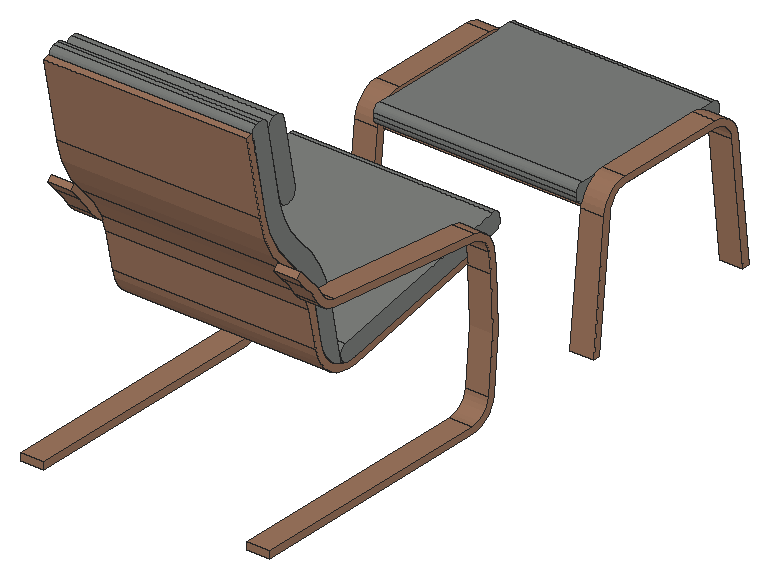
Revit family "Ikea_Poang_Chair_and_stool_8098", category Мебель, Revit 2017
Family settings
  Номер OmniClass = 23.40.20.00
  Заголовок OmniClass = General Furniture and Specialties
  На основе рабочей плоскости = Нет
  Всегда вертикально = Да
  При загрузке вырезать с полостями = Нет
  Общий = Нет
  Точка расчета площади = Нет
Reference planes (in)
  plane 1 "Center Front/Back": y = 0
  plane 2: z = 0
  plane 3 "Center Left/Right": x = 0
Forms (in)
  Sweep 1, solid, material "wood"
    path origin (0, 0, 0) x (1, 0, 0) y (0, 1, 0)
      loop
        line (13.5, 0) -> (11, 0)
    profile origin (12.25, 0, 0) x (0, -1, 0) y (0, 0, 1)
      loop
        line (16.5, 0) -> (16.5, 0.75) -> (-11.00213, 0.75)
        arc (-11.00213, 0.75) -> (-12.46645, 1.2917) -> (-13.22568, 2.65597) r 2.25
        arc (-13.22568, 2.65597) -> (-13.74505, 8.55622) -> (-13.4868, 14.47365) r 45.10448
        arc (-13.4868, 14.47365) -> (-13.34948, 15.59506) -> (-13.18411, 16.71268) r 45.10448
        arc (-13.18411, 16.71268) -> (-12.50959, 17.98935) -> (-11.198, 18.59316) r 2.25
        line (-11.198, 18.59316) -> (7.67341, 20.57804)
        arc (7.67341, 20.57804) -> (8.95785, 21.02276) -> (9.91419, 21.98866) r 3
        arc (9.91419, 21.98866) -> (10.72298, 23.13764) -> (11.66651, 24.17881) r 11.44026
        arc (11.66651, 24.17881) -> (12.27178, 24.80887) -> (12.83502, 25.47677) r 13.5
        line (12.83502, 25.47677) -> (12.24634, 25.94147)
        arc (12.24634, 25.94147) -> (11.71438, 25.31068) -> (11.14274, 24.71562) r 12.75
        arc (11.14274, 24.71562) -> (10.13735, 23.6062) -> (9.27555, 22.38189) r 12.19026
        arc (9.27555, 22.38189) -> (8.55829, 21.65746) -> (7.59496, 21.32392) r 2.25
        line (7.59496, 21.32392) -> (-11.27645, 19.33905)
        arc (-11.27645, 19.33905) -> (-13.02524, 18.53397) -> (-13.9246, 16.83174) r 3
        arc (-13.9246, 16.83174) -> (-14.06912, 15.86762) -> (-14.19311, 14.90065) r 45.85448
        arc (-14.19311, 14.90065) -> (-14.49837, 8.71331) -> (-13.96686, 2.54129) r 45.85448
        arc (-13.96686, 2.54129) -> (-12.95455, 0.72227) -> (-11.00213, 0) r 3
        line (-11.00213, 0) -> (16.5, 0)
  Sweep 2, solid, material "wood"
    path origin (0, 0, 0) x (-1, 0, 0) y (0, 1, 0)
      loop
        line (13.5, 0) -> (11, 0)
    profile origin (-12.25, 0, 0) x (0, 1, 0) y (0, 0, 1)
      loop
        line (-16.5, 0) -> (11.00213, 0)
        arc (11.00213, 0) -> (12.95455, 0.72227) -> (13.96686, 2.54129) r 3
        arc (13.96686, 2.54129) -> (14.49837, 8.71331) -> (14.19311, 14.90065) r 45.85448
        arc (14.19311, 14.90065) -> (14.06912, 15.86762) -> (13.9246, 16.83174) r 45.85448
        arc (13.9246, 16.83174) -> (13.02524, 18.53397) -> (11.27645, 19.33905) r 3
        line (11.27645, 19.33905) -> (-7.59496, 21.32392)
        arc (-7.59496, 21.32392) -> (-8.55829, 21.65746) -> (-9.27555, 22.38189) r 2.25
        arc (-9.27555, 22.38189) -> (-10.13735, 23.6062) -> (-11.14274, 24.71562) r 12.19026
        arc (-11.14274, 24.71562) -> (-11.71438, 25.31068) -> (-12.24634, 25.94147) r 12.75
        line (-12.24634, 25.94147) -> (-12.83502, 25.47677)
        arc (-12.83502, 25.47677) -> (-12.27178, 24.80887) -> (-11.66651, 24.17881) r 13.5
        arc (-11.66651, 24.17881) -> (-10.72298, 23.13764) -> (-9.91419, 21.98866) r 11.44026
        arc (-9.91419, 21.98866) -> (-8.95785, 21.02276) -> (-7.67341, 20.57804) r 3
        line (-7.67341, 20.57804) -> (11.198, 18.59316)
        arc (11.198, 18.59316) -> (12.50959, 17.98935) -> (13.18411, 16.71268) r 2.25
        arc (13.18411, 16.71268) -> (13.34948, 15.59506) -> (13.4868, 14.47365) r 45.10448
        arc (13.4868, 14.47365) -> (13.74505, 8.55622) -> (13.22568, 2.65597) r 45.10448
        arc (13.22568, 2.65597) -> (12.46645, 1.2917) -> (11.00213, 0.75) r 2.25
        line (11.00213, 0.75) -> (-16.5, 0.75) -> (-16.5, 0)
  Sweep 3, solid, material "wood"
    path origin (0, 0, 0) x (1, 0, 0) y (0, 1, 0)
      loop
        line (11, 0) -> (-11, 0)
    profile origin (0, 0, 0) x (0, -1, 0) y (0, 0, 1)
      loop
        line (-16.5, 16) -> (-16.64929, 15.26501) -> (1.52531, 11.57329)
        arc (1.52531, 11.57329) -> (5.09379, 12.2681) -> (7.12578, 15.2827) r 4.75
        line (7.12578, 15.2827) -> (7.98376, 19.50661)
        arc (7.98376, 19.50661) -> (8.30481, 20.4351) -> (8.69958, 21.33472) r 12.19026
        arc (8.69958, 21.33472) -> (9.77548, 23.13045) -> (11.14274, 24.71562) r 12.19026
        arc (11.14274, 24.71562) -> (13.43366, 27.7394) -> (14.7335, 31.30339) r 12.75
        line (14.7335, 31.30339) -> (16.46967, 39.85071) -> (15.73468, 40) -> (13.99851, 31.45268)
        arc (13.99851, 31.45268) -> (12.77514, 28.09834) -> (10.61897, 25.25243) r 12
        arc (10.61897, 25.25243) -> (8.92186, 23.21752) -> (7.67482, 20.87959) r 12.94026
        arc (7.67482, 20.87959) -> (7.45067, 20.28956) -> (7.25556, 19.6893) r 12.94026
        line (7.25556, 19.6893) -> (6.39079, 15.43199)
        arc (6.39079, 15.43199) -> (4.67964, 12.89338) -> (1.6746, 12.30828) r 4
        line (1.6746, 12.30828) -> (-16.5, 16)
  Sweep 4, solid, material "cushion"
    path origin (0, 0, 0) x (1, 0, 0) y (0, 1, 0)
      loop
        line (11, 0.08981) -> (-11, 0.08981)
    profile origin (0, 0.08981, 0) x (0, -1, 0) y (0, 0, 1)
      loop
        arc (-16.74706, 18.10927) -> (-17.3105, 17.99956) -> (-17.63135, 17.52357) r 0.75
        line (-17.63135, 17.52357) -> (-17.73088, 17.03358)
        arc (-17.73088, 17.03358) -> (-17.62117, 16.47014) -> (-17.14518, 16.14929) r 0.75
        line (-17.14518, 16.14929) -> (-16.41019, 16) -> (1.76441, 12.30828)
        arc (1.76441, 12.30828) -> (2.60051, 12.22843) -> (3.43484, 12.32493) r 4
        arc (3.43484, 12.32493) -> (3.55804, 12.49616) -> (3.62869, 12.69492) r 0.75
        line (3.62869, 12.69492) -> (3.72822, 13.18491)
        arc (3.72822, 13.18491) -> (3.61851, 13.74836) -> (3.14252, 14.0692) r 0.75
        line (3.14252, 14.0692) -> (-14.07001, 17.56549) -> (-16.74706, 18.10927)
      loop
        arc (3.91634, 12.85516) -> (3.92712, 12.66837) -> (4.00284, 12.49727) r 0.52398
        arc (4.00284, 12.49727) -> (5.61701, 13.64779) -> (6.4806, 15.43199) r 4
        line (6.4806, 15.43199) -> (7.34537, 19.6893)
        arc (7.34537, 19.6893) -> (7.54048, 20.28956) -> (7.76463, 20.87959) r 12.94026
        arc (7.76463, 20.87959) -> (9.01167, 23.21752) -> (10.70878, 25.25243) r 12.94026
        arc (10.70878, 25.25243) -> (12.86495, 28.09834) -> (14.08832, 31.45268) r 12
        line (14.08832, 31.45268) -> (15.77473, 39.755)
        arc (15.77473, 39.755) -> (15.66502, 40.31845) -> (15.18903, 40.63929) r 0.75
        line (15.18903, 40.63929) -> (14.69904, 40.73882)
        arc (14.69904, 40.73882) -> (14.1356, 40.62911) -> (13.81475, 40.15312) r 0.75
        line (13.81475, 40.15312) -> (12.12835, 31.8508)
        arc (12.12835, 31.8508) -> (11.10887, 29.05552) -> (9.31206, 26.68393) r 10
        arc (9.31206, 26.68393) -> (7.86775, 25.05275) -> (6.67603, 23.22886) r 14.94026
        arc (6.67603, 23.22886) -> (5.95435, 21.73583) -> (5.40258, 20.17201) r 14.94026
        line (5.40258, 20.17201) -> (3.91634, 12.85516)
      loop
        arc (13.50947, 39.27936) -> (13.3632, 40.03062) -> (12.72855, 40.45841) r 1
        arc (12.72855, 40.45841) -> (11.97729, 40.31213) -> (11.5495, 39.67748) r 1
        line (11.5495, 39.67748) -> (10.06215, 32.35515)
        arc (10.06215, 32.35515) -> (10.20842, 31.60389) -> (10.84308, 31.1761) r 1
        arc (10.84308, 31.1761) -> (11.59434, 31.32237) -> (12.02212, 31.95703) r 1
        line (12.02212, 31.95703) -> (13.50947, 39.27936)
  Sweep 5, solid, material "wood"
    path origin (0, 0, 0) x (1, 0, 0) y (0, 1, 0)
      loop
        line (13.5, -16.5) -> (11, -16.5)
    profile origin (12.25, -16.5, 0) x (0, -1, 0) y (0, 0, 1)
      loop
        line (-64.88241, 0) -> (-64.128, 0) -> (-62.68962, 13.24296)
        arc (-62.68962, 13.24296) -> (-61.95541, 14.67469) -> (-60.45277, 15.25) r 2.25
        line (-60.45277, 15.25) -> (-48.31206, 15.25)
        arc (-48.31206, 15.25) -> (-46.80942, 14.67469) -> (-46.07521, 13.24296) r 2.25
        line (-46.07521, 13.24296) -> (-44.63682, 0) -> (-43.88241, 0) -> (-45.3296, 13.32394)
        arc (-45.3296, 13.32394) -> (-46.30854, 15.23292) -> (-48.31206, 16) r 3
        line (-48.31206, 16) -> (-60.45277, 16)
        arc (-60.45277, 16) -> (-62.45629, 15.23292) -> (-63.43523, 13.32394) r 3
        line (-63.43523, 13.32394) -> (-64.88241, 0)
  Sweep 6, solid, material "wood"
    path origin (0, 0, 0) x (-1, 0, 0) y (0, 1, 0)
      loop
        line (13.5, -16.5) -> (11, -16.5)
    profile origin (-12.25, -16.5, 0) x (0, 1, 0) y (0, 0, 1)
      loop
        line (64.88241, 0) -> (63.43523, 13.32394)
        arc (63.43523, 13.32394) -> (62.45629, 15.23292) -> (60.45277, 16) r 3
        line (60.45277, 16) -> (48.31206, 16)
        arc (48.31206, 16) -> (46.30854, 15.23292) -> (45.3296, 13.32394) r 3
        line (45.3296, 13.32394) -> (43.88241, 0) -> (44.63682, 0) -> (46.07521, 13.24296)
        arc (46.07521, 13.24296) -> (46.80942, 14.67469) -> (48.31206, 15.25) r 2.25
        line (48.31206, 15.25) -> (60.45277, 15.25)
        arc (60.45277, 15.25) -> (61.95541, 14.67469) -> (62.68962, 13.24296) r 2.25
        line (62.68962, 13.24296) -> (64.128, 0) -> (64.88241, 0)
  Sweep 7, solid, material "cushion"
    path origin (0, 0, 0) x (1, 0, 0) y (0, 1, 0)
      loop
        line (-11, 37.88241) -> (11, 37.88241)
    profile origin (0, 37.88241, 0) x (0, 1, 0) y (0, 0, 1)
      loop
        arc (9.61389, 15) -> (9.39422, 15.53033) -> (8.86389, 15.75) r 0.75
        line (8.86389, 15.75) -> (-0.03266, 15.75) -> (-8.86389, 15.75)
        arc (-8.86389, 15.75) -> (-9.39422, 15.53033) -> (-9.61389, 15) r 0.75
        line (-9.61389, 15) -> (-9.61389, 14.5)
        arc (-9.61389, 14.5) -> (-9.39422, 13.96967) -> (-8.86389, 13.75) r 0.75
        line (-8.86389, 13.75) -> (8.86389, 13.75)
        arc (8.86389, 13.75) -> (9.39422, 13.96967) -> (9.61389, 14.5) r 0.75
        line (9.61389, 14.5) -> (9.61389, 15)
  Sweep 8, solid, material "wood"
    path origin (0, 0, 0) x (1, 0, 0) y (0, 1, 0)
      loop
        line (-11, 37.88241) -> (11, 37.88241)
    profile origin (0, 37.88241, 0) x (0, 1, 0) y (0, 0, 1)
      loop
        arc (-8.19168, 13.75) -> (-8.26414, 13.49983) -> (-8.3072, 13.24296) r 2.25
        line (-8.3072, 13.24296) -> (-8.33359, 13) -> (8.33359, 13) -> (8.3072, 13.24296)
        arc (8.3072, 13.24296) -> (8.26414, 13.49983) -> (8.19168, 13.75) r 2.25
        line (8.19168, 13.75) -> (-8.19168, 13.75)
